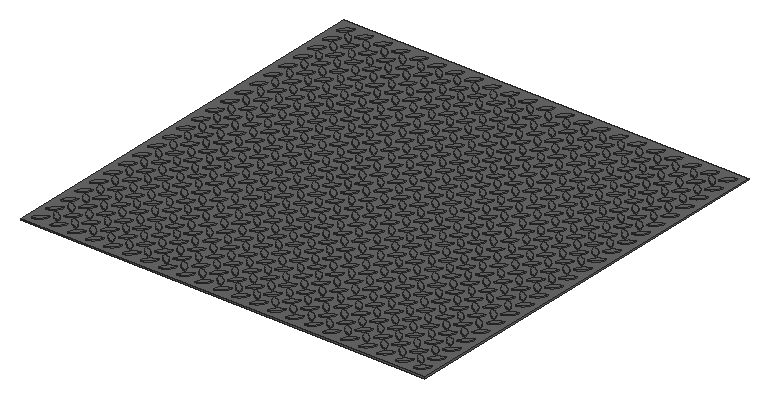
Revit family "141012021113804", category Modelos genéricos, Revit 2018 (continued)
Forms (mm)
  Blend 244, solid, material "Goma negro" <- "Material", detail levels fine
    top sketch origin (-1.445, 530.994, 0) x (0.707107, -0.707107, 0) y (0.707107, 0.707107, 0)
      loop
        arc (792.83, -290.22) -> (787.479, -307.273) -> (792.83, -324.327) r 29.852
        arc (792.83, -324.327) -> (793.684, -324.773) -> (794.539, -324.327) r 1.041
        arc (794.539, -324.327) -> (799.889, -307.273) -> (794.539, -290.22) r 29.852
        arc (794.539, -290.22) -> (793.684, -289.773) -> (792.83, -290.22) r 1.041
    from 0 to 1
  Blend 245, solid, material "Goma negro" <- "Material", detail levels fine
    base sketch origin (1143.494, 118.945, 0) x (-0.707107, -0.707107, 0) y (0.707107, -0.707107, 0)
      loop
        arc (792.83, -290.22) -> (787.479, -307.273) -> (792.83, -324.327) r 29.852
        arc (792.83, -324.327) -> (793.684, -324.773) -> (794.539, -324.327) r 1.041
        arc (794.539, -324.327) -> (799.889, -307.273) -> (794.539, -290.22) r 29.852
        arc (794.539, -290.22) -> (793.684, -289.773) -> (792.83, -290.22) r 1.041
    top sketch origin (1143.494, 118.945, 0) x (-0.707107, -0.707107, 0) y (0.707107, -0.707107, 0)
      loop
        arc (792.83, -290.22) -> (787.479, -307.273) -> (792.83, -324.327) r 29.852
        arc (792.83, -324.327) -> (793.684, -324.773) -> (794.539, -324.327) r 1.041
        arc (794.539, -324.327) -> (799.889, -307.273) -> (794.539, -290.22) r 29.852
        arc (794.539, -290.22) -> (793.684, -289.773) -> (792.83, -290.22) r 1.041
    from 0 to 1
  Blend 246, solid, material "Goma negro" <- "Material", detail levels fine
    base sketch origin (-46.445, 530.994, 0) x (0.707107, -0.707107, 0) y (0.707107, 0.707107, 0)
      loop
        arc (792.83, -290.22) -> (787.479, -307.273) -> (792.83, -324.327) r 29.852
        arc (792.83, -324.327) -> (793.684, -324.773) -> (794.539, -324.327) r 1.041
        arc (794.539, -324.327) -> (799.889, -307.273) -> (794.539, -290.22) r 29.852
        arc (794.539, -290.22) -> (793.684, -289.773) -> (792.83, -290.22) r 1.041
    top sketch origin (-46.445, 530.994, 0) x (0.707107, -0.707107, 0) y (0.707107, 0.707107, 0)
      loop
        arc (792.83, -290.22) -> (787.479, -307.273) -> (792.83, -324.327) r 29.852
        arc (792.83, -324.327) -> (793.684, -324.773) -> (794.539, -324.327) r 1.041
        arc (794.539, -324.327) -> (799.889, -307.273) -> (794.539, -290.22) r 29.852
        arc (794.539, -290.22) -> (793.684, -289.773) -> (792.83, -290.22) r 1.041
    from 0 to 1
  Blend 247, solid, material "Goma negro" <- "Material", detail levels fine
    base sketch origin (1098.494, 118.945, 0) x (-0.707107, -0.707107, 0) y (0.707107, -0.707107, 0)
      loop
        arc (792.83, -290.22) -> (787.479, -307.273) -> (792.83, -324.327) r 29.852
        arc (792.83, -324.327) -> (793.684, -324.773) -> (794.539, -324.327) r 1.041
        arc (794.539, -324.327) -> (799.889, -307.273) -> (794.539, -290.22) r 29.852
        arc (794.539, -290.22) -> (793.684, -289.773) -> (792.83, -290.22) r 1.041
    top sketch origin (1098.494, 118.945, 0) x (-0.707107, -0.707107, 0) y (0.707107, -0.707107, 0)
      loop
        arc (792.83, -290.22) -> (787.479, -307.273) -> (792.83, -324.327) r 29.852
        arc (792.83, -324.327) -> (793.684, -324.773) -> (794.539, -324.327) r 1.041
        arc (794.539, -324.327) -> (799.889, -307.273) -> (794.539, -290.22) r 29.852
        arc (794.539, -290.22) -> (793.684, -289.773) -> (792.83, -290.22) r 1.041
    from 0 to 1
  Blend 248, solid, material "Goma negro" <- "Material", detail levels fine
    base sketch origin (-91.445, 530.994, 0) x (0.707107, -0.707107, 0) y (0.707107, 0.707107, 0)
      loop
        arc (792.83, -290.22) -> (787.479, -307.273) -> (792.83, -324.327) r 29.852
        arc (792.83, -324.327) -> (793.684, -324.773) -> (794.539, -324.327) r 1.041
        arc (794.539, -324.327) -> (799.889, -307.273) -> (794.539, -290.22) r 29.852
        arc (794.539, -290.22) -> (793.684, -289.773) -> (792.83, -290.22) r 1.041
    top sketch origin (-91.445, 530.994, 0) x (0.707107, -0.707107, 0) y (0.707107, 0.707107, 0)
      loop
        arc (792.83, -290.22) -> (787.479, -307.273) -> (792.83, -324.327) r 29.852
        arc (792.83, -324.327) -> (793.684, -324.773) -> (794.539, -324.327) r 1.041
        arc (794.539, -324.327) -> (799.889, -307.273) -> (794.539, -290.22) r 29.852
        arc (794.539, -290.22) -> (793.684, -289.773) -> (792.83, -290.22) r 1.041
    from 0 to 1
  Blend 249, solid, material "Goma negro" <- "Material", detail levels fine
    base sketch origin (1053.494, 118.945, 0) x (-0.707107, -0.707107, 0) y (0.707107, -0.707107, 0)
      loop
        arc (792.83, -290.22) -> (787.479, -307.273) -> (792.83, -324.327) r 29.852
        arc (792.83, -324.327) -> (793.684, -324.773) -> (794.539, -324.327) r 1.041
        arc (794.539, -324.327) -> (799.889, -307.273) -> (794.539, -290.22) r 29.852
        arc (794.539, -290.22) -> (793.684, -289.773) -> (792.83, -290.22) r 1.041
    top sketch origin (1053.494, 118.945, 0) x (-0.707107, -0.707107, 0) y (0.707107, -0.707107, 0)
      loop
        arc (792.83, -290.22) -> (787.479, -307.273) -> (792.83, -324.327) r 29.852
        arc (792.83, -324.327) -> (793.684, -324.773) -> (794.539, -324.327) r 1.041
        arc (794.539, -324.327) -> (799.889, -307.273) -> (794.539, -290.22) r 29.852
        arc (794.539, -290.22) -> (793.684, -289.773) -> (792.83, -290.22) r 1.041
    from 0 to 1
  Blend 250, solid, material "Goma negro" <- "Material", detail levels fine
    base sketch origin (-136.445, 530.994, 0) x (0.707107, -0.707107, 0) y (0.707107, 0.707107, 0)
      loop
        arc (792.83, -290.22) -> (787.479, -307.273) -> (792.83, -324.327) r 29.852
        arc (792.83, -324.327) -> (793.684, -324.773) -> (794.539, -324.327) r 1.041
        arc (794.539, -324.327) -> (799.889, -307.273) -> (794.539, -290.22) r 29.852
        arc (794.539, -290.22) -> (793.684, -289.773) -> (792.83, -290.22) r 1.041
    top sketch origin (-136.445, 530.994, 0) x (0.707107, -0.707107, 0) y (0.707107, 0.707107, 0)
      loop
        arc (792.83, -290.22) -> (787.479, -307.273) -> (792.83, -324.327) r 29.852
        arc (792.83, -324.327) -> (793.684, -324.773) -> (794.539, -324.327) r 1.041
        arc (794.539, -324.327) -> (799.889, -307.273) -> (794.539, -290.22) r 29.852
        arc (794.539, -290.22) -> (793.684, -289.773) -> (792.83, -290.22) r 1.041
    from 0 to 1
  Blend 251, solid, material "Goma negro" <- "Material", detail levels fine
    base sketch origin (1008.494, 118.945, 0) x (-0.707107, -0.707107, 0) y (0.707107, -0.707107, 0)
      loop
        arc (792.83, -290.22) -> (787.479, -307.273) -> (792.83, -324.327) r 29.852
        arc (792.83, -324.327) -> (793.684, -324.773) -> (794.539, -324.327) r 1.041
        arc (794.539, -324.327) -> (799.889, -307.273) -> (794.539, -290.22) r 29.852
        arc (794.539, -290.22) -> (793.684, -289.773) -> (792.83, -290.22) r 1.041
    top sketch origin (1008.494, 118.945, 0) x (-0.707107, -0.707107, 0) y (0.707107, -0.707107, 0)
      loop
        arc (792.83, -290.22) -> (787.479, -307.273) -> (792.83, -324.327) r 29.852
        arc (792.83, -324.327) -> (793.684, -324.773) -> (794.539, -324.327) r 1.041
        arc (794.539, -324.327) -> (799.889, -307.273) -> (794.539, -290.22) r 29.852
        arc (794.539, -290.22) -> (793.684, -289.773) -> (792.83, -290.22) r 1.041
    from 0 to 1
  Blend 252, solid, material "Goma negro" <- "Material", detail levels fine
    base sketch origin (-181.445, 530.994, 0) x (0.707107, -0.707107, 0) y (0.707107, 0.707107, 0)
      loop
        arc (792.83, -290.22) -> (787.479, -307.273) -> (792.83, -324.327) r 29.852
        arc (792.83, -324.327) -> (793.684, -324.773) -> (794.539, -324.327) r 1.041
        arc (794.539, -324.327) -> (799.889, -307.273) -> (794.539, -290.22) r 29.852
        arc (794.539, -290.22) -> (793.684, -289.773) -> (792.83, -290.22) r 1.041
    top sketch origin (-181.445, 530.994, 0) x (0.707107, -0.707107, 0) y (0.707107, 0.707107, 0)
      loop
        arc (792.83, -290.22) -> (787.479, -307.273) -> (792.83, -324.327) r 29.852
        arc (792.83, -324.327) -> (793.684, -324.773) -> (794.539, -324.327) r 1.041
        arc (794.539, -324.327) -> (799.889, -307.273) -> (794.539, -290.22) r 29.852
        arc (794.539, -290.22) -> (793.684, -289.773) -> (792.83, -290.22) r 1.041
    from 0 to 1
  Blend 253, solid, material "Goma negro" <- "Material", detail levels fine
    base sketch origin (963.494, 118.945, 0) x (-0.707107, -0.707107, 0) y (0.707107, -0.707107, 0)
      loop
        arc (792.83, -290.22) -> (787.479, -307.273) -> (792.83, -324.327) r 29.852
        arc (792.83, -324.327) -> (793.684, -324.773) -> (794.539, -324.327) r 1.041
        arc (794.539, -324.327) -> (799.889, -307.273) -> (794.539, -290.22) r 29.852
        arc (794.539, -290.22) -> (793.684, -289.773) -> (792.83, -290.22) r 1.041
    top sketch origin (963.494, 118.945, 0) x (-0.707107, -0.707107, 0) y (0.707107, -0.707107, 0)
      loop
        arc (792.83, -290.22) -> (787.479, -307.273) -> (792.83, -324.327) r 29.852
        arc (792.83, -324.327) -> (793.684, -324.773) -> (794.539, -324.327) r 1.041
        arc (794.539, -324.327) -> (799.889, -307.273) -> (794.539, -290.22) r 29.852
        arc (794.539, -290.22) -> (793.684, -289.773) -> (792.83, -290.22) r 1.041
    from 0 to 1
  Blend 254, solid, material "Goma negro" <- "Material", detail levels fine
    base sketch origin (-226.445, 530.994, 0) x (0.707107, -0.707107, 0) y (0.707107, 0.707107, 0)
      loop
        arc (792.83, -290.22) -> (787.479, -307.273) -> (792.83, -324.327) r 29.852
        arc (792.83, -324.327) -> (793.684, -324.773) -> (794.539, -324.327) r 1.041
        arc (794.539, -324.327) -> (799.889, -307.273) -> (794.539, -290.22) r 29.852
        arc (794.539, -290.22) -> (793.684, -289.773) -> (792.83, -290.22) r 1.041
    top sketch origin (-226.445, 530.994, 0) x (0.707107, -0.707107, 0) y (0.707107, 0.707107, 0)
      loop
        arc (792.83, -290.22) -> (787.479, -307.273) -> (792.83, -324.327) r 29.852
        arc (792.83, -324.327) -> (793.684, -324.773) -> (794.539, -324.327) r 1.041
        arc (794.539, -324.327) -> (799.889, -307.273) -> (794.539, -290.22) r 29.852
        arc (794.539, -290.22) -> (793.684, -289.773) -> (792.83, -290.22) r 1.041
    from 0 to 1
  Blend 255, solid, material "Goma negro" <- "Material", detail levels fine
    base sketch origin (918.494, 118.945, 0) x (-0.707107, -0.707107, 0) y (0.707107, -0.707107, 0)
      loop
        arc (792.83, -290.22) -> (787.479, -307.273) -> (792.83, -324.327) r 29.852
        arc (792.83, -324.327) -> (793.684, -324.773) -> (794.539, -324.327) r 1.041
        arc (794.539, -324.327) -> (799.889, -307.273) -> (794.539, -290.22) r 29.852
        arc (794.539, -290.22) -> (793.684, -289.773) -> (792.83, -290.22) r 1.041
    top sketch origin (918.494, 118.945, 0) x (-0.707107, -0.707107, 0) y (0.707107, -0.707107, 0)
      loop
        arc (792.83, -290.22) -> (787.479, -307.273) -> (792.83, -324.327) r 29.852
        arc (792.83, -324.327) -> (793.684, -324.773) -> (794.539, -324.327) r 1.041
        arc (794.539, -324.327) -> (799.889, -307.273) -> (794.539, -290.22) r 29.852
        arc (794.539, -290.22) -> (793.684, -289.773) -> (792.83, -290.22) r 1.041
    from 0 to 1
  Blend 256, solid, material "Goma negro" <- "Material", detail levels fine
    base sketch origin (-271.445, 530.994, 0) x (0.707107, -0.707107, 0) y (0.707107, 0.707107, 0)
      loop
        arc (792.83, -290.22) -> (787.479, -307.273) -> (792.83, -324.327) r 29.852
        arc (792.83, -324.327) -> (793.684, -324.773) -> (794.539, -324.327) r 1.041
        arc (794.539, -324.327) -> (799.889, -307.273) -> (794.539, -290.22) r 29.852
        arc (794.539, -290.22) -> (793.684, -289.773) -> (792.83, -290.22) r 1.041
    top sketch origin (-271.445, 530.994, 0) x (0.707107, -0.707107, 0) y (0.707107, 0.707107, 0)
      loop
        arc (792.83, -290.22) -> (787.479, -307.273) -> (792.83, -324.327) r 29.852
        arc (792.83, -324.327) -> (793.684, -324.773) -> (794.539, -324.327) r 1.041
        arc (794.539, -324.327) -> (799.889, -307.273) -> (794.539, -290.22) r 29.852
        arc (794.539, -290.22) -> (793.684, -289.773) -> (792.83, -290.22) r 1.041
    from 0 to 1
  Blend 257, solid, material "Goma negro" <- "Material", detail levels fine
    base sketch origin (873.494, 118.945, 0) x (-0.707107, -0.707107, 0) y (0.707107, -0.707107, 0)
      loop
        arc (792.83, -290.22) -> (787.479, -307.273) -> (792.83, -324.327) r 29.852
        arc (792.83, -324.327) -> (793.684, -324.773) -> (794.539, -324.327) r 1.041
        arc (794.539, -324.327) -> (799.889, -307.273) -> (794.539, -290.22) r 29.852
        arc (794.539, -290.22) -> (793.684, -289.773) -> (792.83, -290.22) r 1.041
    top sketch origin (873.494, 118.945, 0) x (-0.707107, -0.707107, 0) y (0.707107, -0.707107, 0)
      loop
        arc (792.83, -290.22) -> (787.479, -307.273) -> (792.83, -324.327) r 29.852
        arc (792.83, -324.327) -> (793.684, -324.773) -> (794.539, -324.327) r 1.041
        arc (794.539, -324.327) -> (799.889, -307.273) -> (794.539, -290.22) r 29.852
        arc (794.539, -290.22) -> (793.684, -289.773) -> (792.83, -290.22) r 1.041
    from 0 to 1
  Blend 258, solid, material "Goma negro" <- "Material", detail levels fine
    base sketch origin (-316.445, 530.994, 0) x (0.707107, -0.707107, 0) y (0.707107, 0.707107, 0)
      loop
        arc (792.83, -290.22) -> (787.479, -307.273) -> (792.83, -324.327) r 29.852
        arc (792.83, -324.327) -> (793.684, -324.773) -> (794.539, -324.327) r 1.041
        arc (794.539, -324.327) -> (799.889, -307.273) -> (794.539, -290.22) r 29.852
        arc (794.539, -290.22) -> (793.684, -289.773) -> (792.83, -290.22) r 1.041
    top sketch origin (-316.445, 530.994, 0) x (0.707107, -0.707107, 0) y (0.707107, 0.707107, 0)
      loop
        arc (792.83, -290.22) -> (787.479, -307.273) -> (792.83, -324.327) r 29.852
        arc (792.83, -324.327) -> (793.684, -324.773) -> (794.539, -324.327) r 1.041
        arc (794.539, -324.327) -> (799.889, -307.273) -> (794.539, -290.22) r 29.852
        arc (794.539, -290.22) -> (793.684, -289.773) -> (792.83, -290.22) r 1.041
    from 0 to 1
  Blend 259, solid, material "Goma negro" <- "Material", detail levels fine
    base sketch origin (828.494, 118.945, 0) x (-0.707107, -0.707107, 0) y (0.707107, -0.707107, 0)
      loop
        arc (792.83, -290.22) -> (787.479, -307.273) -> (792.83, -324.327) r 29.852
        arc (792.83, -324.327) -> (793.684, -324.773) -> (794.539, -324.327) r 1.041
        arc (794.539, -324.327) -> (799.889, -307.273) -> (794.539, -290.22) r 29.852
        arc (794.539, -290.22) -> (793.684, -289.773) -> (792.83, -290.22) r 1.041
    top sketch origin (828.494, 118.945, 0) x (-0.707107, -0.707107, 0) y (0.707107, -0.707107, 0)
      loop
        arc (792.83, -290.22) -> (787.479, -307.273) -> (792.83, -324.327) r 29.852
        arc (792.83, -324.327) -> (793.684, -324.773) -> (794.539, -324.327) r 1.041
        arc (794.539, -324.327) -> (799.889, -307.273) -> (794.539, -290.22) r 29.852
        arc (794.539, -290.22) -> (793.684, -289.773) -> (792.83, -290.22) r 1.041
    from 0 to 1
  Blend 260, solid, material "Goma negro" <- "Material", detail levels fine
    base sketch origin (628.555, 575.994, 0) x (0.707107, -0.707107, 0) y (0.707107, 0.707107, 0)
      loop
        arc (792.83, -290.22) -> (787.479, -307.273) -> (792.83, -324.327) r 29.852
        arc (792.83, -324.327) -> (793.684, -324.773) -> (794.539, -324.327) r 1.041
        arc (794.539, -324.327) -> (799.889, -307.273) -> (794.539, -290.22) r 29.852
        arc (794.539, -290.22) -> (793.684, -289.773) -> (792.83, -290.22) r 1.041
    top sketch origin (628.555, 575.994, 0) x (0.707107, -0.707107, 0) y (0.707107, 0.707107, 0)
      loop
        arc (792.83, -290.22) -> (787.479, -307.273) -> (792.83, -324.327) r 29.852
        arc (792.83, -324.327) -> (793.684, -324.773) -> (794.539, -324.327) r 1.041
        arc (794.539, -324.327) -> (799.889, -307.273) -> (794.539, -290.22) r 29.852
        arc (794.539, -290.22) -> (793.684, -289.773) -> (792.83, -290.22) r 1.041
    from 0 to 1
  Blend 261, solid, material "Goma negro" <- "Material", detail levels fine
    base sketch origin (583.555, 575.994, 0) x (0.707107, -0.707107, 0) y (0.707107, 0.707107, 0)
      loop
        arc (792.83, -290.22) -> (787.479, -307.273) -> (792.83, -324.327) r 29.852
        arc (792.83, -324.327) -> (793.684, -324.773) -> (794.539, -324.327) r 1.041
        arc (794.539, -324.327) -> (799.889, -307.273) -> (794.539, -290.22) r 29.852
        arc (794.539, -290.22) -> (793.684, -289.773) -> (792.83, -290.22) r 1.041
    top sketch origin (583.555, 575.994, 0) x (0.707107, -0.707107, 0) y (0.707107, 0.707107, 0)
      loop
        arc (792.83, -290.22) -> (787.479, -307.273) -> (792.83, -324.327) r 29.852
        arc (792.83, -324.327) -> (793.684, -324.773) -> (794.539, -324.327) r 1.041
        arc (794.539, -324.327) -> (799.889, -307.273) -> (794.539, -290.22) r 29.852
        arc (794.539, -290.22) -> (793.684, -289.773) -> (792.83, -290.22) r 1.041
    from 0 to 1
  Blend 262, solid, material "Goma negro" <- "Material", detail levels fine
    base sketch origin (1728.494, 163.945, 0) x (-0.707107, -0.707107, 0) y (0.707107, -0.707107, 0)
      loop
        arc (792.83, -290.22) -> (787.479, -307.273) -> (792.83, -324.327) r 29.852
        arc (792.83, -324.327) -> (793.684, -324.773) -> (794.539, -324.327) r 1.041
        arc (794.539, -324.327) -> (799.889, -307.273) -> (794.539, -290.22) r 29.852
        arc (794.539, -290.22) -> (793.684, -289.773) -> (792.83, -290.22) r 1.041
    top sketch origin (1728.494, 163.945, 0) x (-0.707107, -0.707107, 0) y (0.707107, -0.707107, 0)
      loop
        arc (792.83, -290.22) -> (787.479, -307.273) -> (792.83, -324.327) r 29.852
        arc (792.83, -324.327) -> (793.684, -324.773) -> (794.539, -324.327) r 1.041
        arc (794.539, -324.327) -> (799.889, -307.273) -> (794.539, -290.22) r 29.852
        arc (794.539, -290.22) -> (793.684, -289.773) -> (792.83, -290.22) r 1.041
    from 0 to 1
  Blend 263, solid, material "Goma negro" <- "Material", detail levels fine
    base sketch origin (538.555, 575.994, 0) x (0.707107, -0.707107, 0) y (0.707107, 0.707107, 0)
      loop
        arc (792.83, -290.22) -> (787.479, -307.273) -> (792.83, -324.327) r 29.852
        arc (792.83, -324.327) -> (793.684, -324.773) -> (794.539, -324.327) r 1.041
        arc (794.539, -324.327) -> (799.889, -307.273) -> (794.539, -290.22) r 29.852
        arc (794.539, -290.22) -> (793.684, -289.773) -> (792.83, -290.22) r 1.041
    top sketch origin (538.555, 575.994, 0) x (0.707107, -0.707107, 0) y (0.707107, 0.707107, 0)
      loop
        arc (792.83, -290.22) -> (787.479, -307.273) -> (792.83, -324.327) r 29.852
        arc (792.83, -324.327) -> (793.684, -324.773) -> (794.539, -324.327) r 1.041
        arc (794.539, -324.327) -> (799.889, -307.273) -> (794.539, -290.22) r 29.852
        arc (794.539, -290.22) -> (793.684, -289.773) -> (792.83, -290.22) r 1.041
    from 0 to 1
  Blend 264, solid, material "Goma negro" <- "Material", detail levels fine
    base sketch origin (1683.494, 163.945, 0) x (-0.707107, -0.707107, 0) y (0.707107, -0.707107, 0)
      loop
        arc (792.83, -290.22) -> (787.479, -307.273) -> (792.83, -324.327) r 29.852
        arc (792.83, -324.327) -> (793.684, -324.773) -> (794.539, -324.327) r 1.041
        arc (794.539, -324.327) -> (799.889, -307.273) -> (794.539, -290.22) r 29.852
        arc (794.539, -290.22) -> (793.684, -289.773) -> (792.83, -290.22) r 1.041
    top sketch origin (1683.494, 163.945, 0) x (-0.707107, -0.707107, 0) y (0.707107, -0.707107, 0)
      loop
        arc (792.83, -290.22) -> (787.479, -307.273) -> (792.83, -324.327) r 29.852
        arc (792.83, -324.327) -> (793.684, -324.773) -> (794.539, -324.327) r 1.041
        arc (794.539, -324.327) -> (799.889, -307.273) -> (794.539, -290.22) r 29.852
        arc (794.539, -290.22) -> (793.684, -289.773) -> (792.83, -290.22) r 1.041
    from 0 to 1
  Blend 265, solid, material "Goma negro" <- "Material", detail levels fine
    base sketch origin (493.555, 575.994, 0) x (0.707107, -0.707107, 0) y (0.707107, 0.707107, 0)
      loop
        arc (792.83, -290.22) -> (787.479, -307.273) -> (792.83, -324.327) r 29.852
        arc (792.83, -324.327) -> (793.684, -324.773) -> (794.539, -324.327) r 1.041
        arc (794.539, -324.327) -> (799.889, -307.273) -> (794.539, -290.22) r 29.852
        arc (794.539, -290.22) -> (793.684, -289.773) -> (792.83, -290.22) r 1.041
    top sketch origin (493.555, 575.994, 0) x (0.707107, -0.707107, 0) y (0.707107, 0.707107, 0)
      loop
        arc (792.83, -290.22) -> (787.479, -307.273) -> (792.83, -324.327) r 29.852
        arc (792.83, -324.327) -> (793.684, -324.773) -> (794.539, -324.327) r 1.041
        arc (794.539, -324.327) -> (799.889, -307.273) -> (794.539, -290.22) r 29.852
        arc (794.539, -290.22) -> (793.684, -289.773) -> (792.83, -290.22) r 1.041
    from 0 to 1
  Blend 266, solid, material "Goma negro" <- "Material", detail levels fine
    base sketch origin (1638.494, 163.945, 0) x (-0.707107, -0.707107, 0) y (0.707107, -0.707107, 0)
      loop
        arc (792.83, -290.22) -> (787.479, -307.273) -> (792.83, -324.327) r 29.852
        arc (792.83, -324.327) -> (793.684, -324.773) -> (794.539, -324.327) r 1.041
        arc (794.539, -324.327) -> (799.889, -307.273) -> (794.539, -290.22) r 29.852
        arc (794.539, -290.22) -> (793.684, -289.773) -> (792.83, -290.22) r 1.041
    top sketch origin (1638.494, 163.945, 0) x (-0.707107, -0.707107, 0) y (0.707107, -0.707107, 0)
      loop
        arc (792.83, -290.22) -> (787.479, -307.273) -> (792.83, -324.327) r 29.852
        arc (792.83, -324.327) -> (793.684, -324.773) -> (794.539, -324.327) r 1.041
        arc (794.539, -324.327) -> (799.889, -307.273) -> (794.539, -290.22) r 29.852
        arc (794.539, -290.22) -> (793.684, -289.773) -> (792.83, -290.22) r 1.041
    from 0 to 1
  Blend 267, solid, material "Goma negro" <- "Material", detail levels fine
    base sketch origin (448.555, 575.994, 0) x (0.707107, -0.707107, 0) y (0.707107, 0.707107, 0)
      loop
        arc (792.83, -290.22) -> (787.479, -307.273) -> (792.83, -324.327) r 29.852
        arc (792.83, -324.327) -> (793.684, -324.773) -> (794.539, -324.327) r 1.041
        arc (794.539, -324.327) -> (799.889, -307.273) -> (794.539, -290.22) r 29.852
        arc (794.539, -290.22) -> (793.684, -289.773) -> (792.83, -290.22) r 1.041
    top sketch origin (448.555, 575.994, 0) x (0.707107, -0.707107, 0) y (0.707107, 0.707107, 0)
      loop
        arc (792.83, -290.22) -> (787.479, -307.273) -> (792.83, -324.327) r 29.852
        arc (792.83, -324.327) -> (793.684, -324.773) -> (794.539, -324.327) r 1.041
        arc (794.539, -324.327) -> (799.889, -307.273) -> (794.539, -290.22) r 29.852
        arc (794.539, -290.22) -> (793.684, -289.773) -> (792.83, -290.22) r 1.041
    from 0 to 1
  Blend 268, solid, material "Goma negro" <- "Material", detail levels fine
    base sketch origin (1593.494, 163.945, 0) x (-0.707107, -0.707107, 0) y (0.707107, -0.707107, 0)
      loop
        arc (792.83, -290.22) -> (787.479, -307.273) -> (792.83, -324.327) r 29.852
        arc (792.83, -324.327) -> (793.684, -324.773) -> (794.539, -324.327) r 1.041
        arc (794.539, -324.327) -> (799.889, -307.273) -> (794.539, -290.22) r 29.852
        arc (794.539, -290.22) -> (793.684, -289.773) -> (792.83, -290.22) r 1.041
    top sketch origin (1593.494, 163.945, 0) x (-0.707107, -0.707107, 0) y (0.707107, -0.707107, 0)
      loop
        arc (792.83, -290.22) -> (787.479, -307.273) -> (792.83, -324.327) r 29.852
        arc (792.83, -324.327) -> (793.684, -324.773) -> (794.539, -324.327) r 1.041
        arc (794.539, -324.327) -> (799.889, -307.273) -> (794.539, -290.22) r 29.852
        arc (794.539, -290.22) -> (793.684, -289.773) -> (792.83, -290.22) r 1.041
    from 0 to 1
  Blend 269, solid, material "Goma negro" <- "Material", detail levels fine
    base sketch origin (403.555, 575.994, 0) x (0.707107, -0.707107, 0) y (0.707107, 0.707107, 0)
      loop
        arc (792.83, -290.22) -> (787.479, -307.273) -> (792.83, -324.327) r 29.852
        arc (792.83, -324.327) -> (793.684, -324.773) -> (794.539, -324.327) r 1.041
        arc (794.539, -324.327) -> (799.889, -307.273) -> (794.539, -290.22) r 29.852
        arc (794.539, -290.22) -> (793.684, -289.773) -> (792.83, -290.22) r 1.041
    top sketch origin (403.555, 575.994, 0) x (0.707107, -0.707107, 0) y (0.707107, 0.707107, 0)
      loop
        arc (792.83, -290.22) -> (787.479, -307.273) -> (792.83, -324.327) r 29.852
        arc (792.83, -324.327) -> (793.684, -324.773) -> (794.539, -324.327) r 1.041
        arc (794.539, -324.327) -> (799.889, -307.273) -> (794.539, -290.22) r 29.852
        arc (794.539, -290.22) -> (793.684, -289.773) -> (792.83, -290.22) r 1.041
    from 0 to 1
  Blend 270, solid, material "Goma negro" <- "Material", detail levels fine
    base sketch origin (1548.494, 163.945, 0) x (-0.707107, -0.707107, 0) y (0.707107, -0.707107, 0)
      loop
        arc (792.83, -290.22) -> (787.479, -307.273) -> (792.83, -324.327) r 29.852
        arc (792.83, -324.327) -> (793.684, -324.773) -> (794.539, -324.327) r 1.041
        arc (794.539, -324.327) -> (799.889, -307.273) -> (794.539, -290.22) r 29.852
        arc (794.539, -290.22) -> (793.684, -289.773) -> (792.83, -290.22) r 1.041
    top sketch origin (1548.494, 163.945, 0) x (-0.707107, -0.707107, 0) y (0.707107, -0.707107, 0)
      loop
        arc (792.83, -290.22) -> (787.479, -307.273) -> (792.83, -324.327) r 29.852
        arc (792.83, -324.327) -> (793.684, -324.773) -> (794.539, -324.327) r 1.041
        arc (794.539, -324.327) -> (799.889, -307.273) -> (794.539, -290.22) r 29.852
        arc (794.539, -290.22) -> (793.684, -289.773) -> (792.83, -290.22) r 1.041
    from 0 to 1
  Blend 271, solid, material "Goma negro" <- "Material", detail levels fine
    base sketch origin (358.555, 575.994, 0) x (0.707107, -0.707107, 0) y (0.707107, 0.707107, 0)
      loop
        arc (792.83, -290.22) -> (787.479, -307.273) -> (792.83, -324.327) r 29.852
        arc (792.83, -324.327) -> (793.684, -324.773) -> (794.539, -324.327) r 1.041
        arc (794.539, -324.327) -> (799.889, -307.273) -> (794.539, -290.22) r 29.852
        arc (794.539, -290.22) -> (793.684, -289.773) -> (792.83, -290.22) r 1.041
    top sketch origin (358.555, 575.994, 0) x (0.707107, -0.707107, 0) y (0.707107, 0.707107, 0)
      loop
        arc (792.83, -290.22) -> (787.479, -307.273) -> (792.83, -324.327) r 29.852
        arc (792.83, -324.327) -> (793.684, -324.773) -> (794.539, -324.327) r 1.041
        arc (794.539, -324.327) -> (799.889, -307.273) -> (794.539, -290.22) r 29.852
        arc (794.539, -290.22) -> (793.684, -289.773) -> (792.83, -290.22) r 1.041
    from 0 to 1
  Blend 272, solid, material "Goma negro" <- "Material", detail levels fine
    base sketch origin (1503.494, 163.945, 0) x (-0.707107, -0.707107, 0) y (0.707107, -0.707107, 0)
      loop
        arc (792.83, -290.22) -> (787.479, -307.273) -> (792.83, -324.327) r 29.852
        arc (792.83, -324.327) -> (793.684, -324.773) -> (794.539, -324.327) r 1.041
        arc (794.539, -324.327) -> (799.889, -307.273) -> (794.539, -290.22) r 29.852
        arc (794.539, -290.22) -> (793.684, -289.773) -> (792.83, -290.22) r 1.041
    top sketch origin (1503.494, 163.945, 0) x (-0.707107, -0.707107, 0) y (0.707107, -0.707107, 0)
      loop
        arc (792.83, -290.22) -> (787.479, -307.273) -> (792.83, -324.327) r 29.852
        arc (792.83, -324.327) -> (793.684, -324.773) -> (794.539, -324.327) r 1.041
        arc (794.539, -324.327) -> (799.889, -307.273) -> (794.539, -290.22) r 29.852
        arc (794.539, -290.22) -> (793.684, -289.773) -> (792.83, -290.22) r 1.041
    from 0 to 1
  Blend 273, solid, material "Goma negro" <- "Material", detail levels fine
    base sketch origin (313.555, 575.994, 0) x (0.707107, -0.707107, 0) y (0.707107, 0.707107, 0)
      loop
        arc (792.83, -290.22) -> (787.479, -307.273) -> (792.83, -324.327) r 29.852
        arc (792.83, -324.327) -> (793.684, -324.773) -> (794.539, -324.327) r 1.041
        arc (794.539, -324.327) -> (799.889, -307.273) -> (794.539, -290.22) r 29.852
        arc (794.539, -290.22) -> (793.684, -289.773) -> (792.83, -290.22) r 1.041
    top sketch origin (313.555, 575.994, 0) x (0.707107, -0.707107, 0) y (0.707107, 0.707107, 0)
      loop
        arc (792.83, -290.22) -> (787.479, -307.273) -> (792.83, -324.327) r 29.852
        arc (792.83, -324.327) -> (793.684, -324.773) -> (794.539, -324.327) r 1.041
        arc (794.539, -324.327) -> (799.889, -307.273) -> (794.539, -290.22) r 29.852
        arc (794.539, -290.22) -> (793.684, -289.773) -> (792.83, -290.22) r 1.041
    from 0 to 1
  Blend 274, solid, material "Goma negro" <- "Material", detail levels fine
    base sketch origin (1458.494, 163.945, 0) x (-0.707107, -0.707107, 0) y (0.707107, -0.707107, 0)
      loop
        arc (792.83, -290.22) -> (787.479, -307.273) -> (792.83, -324.327) r 29.852
        arc (792.83, -324.327) -> (793.684, -324.773) -> (794.539, -324.327) r 1.041
        arc (794.539, -324.327) -> (799.889, -307.273) -> (794.539, -290.22) r 29.852
        arc (794.539, -290.22) -> (793.684, -289.773) -> (792.83, -290.22) r 1.041
    top sketch origin (1458.494, 163.945, 0) x (-0.707107, -0.707107, 0) y (0.707107, -0.707107, 0)
      loop
        arc (792.83, -290.22) -> (787.479, -307.273) -> (792.83, -324.327) r 29.852
        arc (792.83, -324.327) -> (793.684, -324.773) -> (794.539, -324.327) r 1.041
        arc (794.539, -324.327) -> (799.889, -307.273) -> (794.539, -290.22) r 29.852
        arc (794.539, -290.22) -> (793.684, -289.773) -> (792.83, -290.22) r 1.041
    from 0 to 1
  Blend 275, solid, material "Goma negro" <- "Material", detail levels fine
    base sketch origin (268.555, 575.994, 0) x (0.707107, -0.707107, 0) y (0.707107, 0.707107, 0)
      loop
        arc (792.83, -290.22) -> (787.479, -307.273) -> (792.83, -324.327) r 29.852
        arc (792.83, -324.327) -> (793.684, -324.773) -> (794.539, -324.327) r 1.041
        arc (794.539, -324.327) -> (799.889, -307.273) -> (794.539, -290.22) r 29.852
        arc (794.539, -290.22) -> (793.684, -289.773) -> (792.83, -290.22) r 1.041
    top sketch origin (268.555, 575.994, 0) x (0.707107, -0.707107, 0) y (0.707107, 0.707107, 0)
      loop
        arc (792.83, -290.22) -> (787.479, -307.273) -> (792.83, -324.327) r 29.852
        arc (792.83, -324.327) -> (793.684, -324.773) -> (794.539, -324.327) r 1.041
        arc (794.539, -324.327) -> (799.889, -307.273) -> (794.539, -290.22) r 29.852
        arc (794.539, -290.22) -> (793.684, -289.773) -> (792.83, -290.22) r 1.041
    from 0 to 1
  Blend 276, solid, material "Goma negro" <- "Material", detail levels fine
    base sketch origin (1413.494, 163.945, 0) x (-0.707107, -0.707107, 0) y (0.707107, -0.707107, 0)
      loop
        arc (792.83, -290.22) -> (787.479, -307.273) -> (792.83, -324.327) r 29.852
        arc (792.83, -324.327) -> (793.684, -324.773) -> (794.539, -324.327) r 1.041
        arc (794.539, -324.327) -> (799.889, -307.273) -> (794.539, -290.22) r 29.852
        arc (794.539, -290.22) -> (793.684, -289.773) -> (792.83, -290.22) r 1.041
    top sketch origin (1413.494, 163.945, 0) x (-0.707107, -0.707107, 0) y (0.707107, -0.707107, 0)
      loop
        arc (792.83, -290.22) -> (787.479, -307.273) -> (792.83, -324.327) r 29.852
        arc (792.83, -324.327) -> (793.684, -324.773) -> (794.539, -324.327) r 1.041
        arc (794.539, -324.327) -> (799.889, -307.273) -> (794.539, -290.22) r 29.852
        arc (794.539, -290.22) -> (793.684, -289.773) -> (792.83, -290.22) r 1.041
    from 0 to 1
  Blend 277, solid, material "Goma negro" <- "Material", detail levels fine
    base sketch origin (223.555, 575.994, 0) x (0.707107, -0.707107, 0) y (0.707107, 0.707107, 0)
      loop
        arc (792.83, -290.22) -> (787.479, -307.273) -> (792.83, -324.327) r 29.852
        arc (792.83, -324.327) -> (793.684, -324.773) -> (794.539, -324.327) r 1.041
        arc (794.539, -324.327) -> (799.889, -307.273) -> (794.539, -290.22) r 29.852
        arc (794.539, -290.22) -> (793.684, -289.773) -> (792.83, -290.22) r 1.041
    top sketch origin (223.555, 575.994, 0) x (0.707107, -0.707107, 0) y (0.707107, 0.707107, 0)
      loop
        arc (792.83, -290.22) -> (787.479, -307.273) -> (792.83, -324.327) r 29.852
        arc (792.83, -324.327) -> (793.684, -324.773) -> (794.539, -324.327) r 1.041
        arc (794.539, -324.327) -> (799.889, -307.273) -> (794.539, -290.22) r 29.852
        arc (794.539, -290.22) -> (793.684, -289.773) -> (792.83, -290.22) r 1.041
    from 0 to 1
  Blend 278, solid, material "Goma negro" <- "Material", detail levels fine
    base sketch origin (1368.494, 163.945, 0) x (-0.707107, -0.707107, 0) y (0.707107, -0.707107, 0)
      loop
        arc (792.83, -290.22) -> (787.479, -307.273) -> (792.83, -324.327) r 29.852
        arc (792.83, -324.327) -> (793.684, -324.773) -> (794.539, -324.327) r 1.041
        arc (794.539, -324.327) -> (799.889, -307.273) -> (794.539, -290.22) r 29.852
        arc (794.539, -290.22) -> (793.684, -289.773) -> (792.83, -290.22) r 1.041
    top sketch origin (1368.494, 163.945, 0) x (-0.707107, -0.707107, 0) y (0.707107, -0.707107, 0)
      loop
        arc (792.83, -290.22) -> (787.479, -307.273) -> (792.83, -324.327) r 29.852
        arc (792.83, -324.327) -> (793.684, -324.773) -> (794.539, -324.327) r 1.041
        arc (794.539, -324.327) -> (799.889, -307.273) -> (794.539, -290.22) r 29.852
        arc (794.539, -290.22) -> (793.684, -289.773) -> (792.83, -290.22) r 1.041
    from 0 to 1
  Blend 279, solid, material "Goma negro" <- "Material", detail levels fine
    base sketch origin (178.555, 575.994, 0) x (0.707107, -0.707107, 0) y (0.707107, 0.707107, 0)
      loop
        arc (792.83, -290.22) -> (787.479, -307.273) -> (792.83, -324.327) r 29.852
        arc (792.83, -324.327) -> (793.684, -324.773) -> (794.539, -324.327) r 1.041
        arc (794.539, -324.327) -> (799.889, -307.273) -> (794.539, -290.22) r 29.852
        arc (794.539, -290.22) -> (793.684, -289.773) -> (792.83, -290.22) r 1.041
    top sketch origin (178.555, 575.994, 0) x (0.707107, -0.707107, 0) y (0.707107, 0.707107, 0)
      loop
        arc (792.83, -290.22) -> (787.479, -307.273) -> (792.83, -324.327) r 29.852
        arc (792.83, -324.327) -> (793.684, -324.773) -> (794.539, -324.327) r 1.041
        arc (794.539, -324.327) -> (799.889, -307.273) -> (794.539, -290.22) r 29.852
        arc (794.539, -290.22) -> (793.684, -289.773) -> (792.83, -290.22) r 1.041
    from 0 to 1
  Blend 280, solid, material "Goma negro" <- "Material", detail levels fine
    base sketch origin (1323.494, 163.945, 0) x (-0.707107, -0.707107, 0) y (0.707107, -0.707107, 0)
      loop
        arc (792.83, -290.22) -> (787.479, -307.273) -> (792.83, -324.327) r 29.852
        arc (792.83, -324.327) -> (793.684, -324.773) -> (794.539, -324.327) r 1.041
        arc (794.539, -324.327) -> (799.889, -307.273) -> (794.539, -290.22) r 29.852
        arc (794.539, -290.22) -> (793.684, -289.773) -> (792.83, -290.22) r 1.041
    top sketch origin (1323.494, 163.945, 0) x (-0.707107, -0.707107, 0) y (0.707107, -0.707107, 0)
      loop
        arc (792.83, -290.22) -> (787.479, -307.273) -> (792.83, -324.327) r 29.852
        arc (792.83, -324.327) -> (793.684, -324.773) -> (794.539, -324.327) r 1.041
        arc (794.539, -324.327) -> (799.889, -307.273) -> (794.539, -290.22) r 29.852
        arc (794.539, -290.22) -> (793.684, -289.773) -> (792.83, -290.22) r 1.041
    from 0 to 1
  Blend 281, solid, material "Goma negro" <- "Material", detail levels fine
    base sketch origin (133.555, 575.994, 0) x (0.707107, -0.707107, 0) y (0.707107, 0.707107, 0)
      loop
        arc (792.83, -290.22) -> (787.479, -307.273) -> (792.83, -324.327) r 29.852
        arc (792.83, -324.327) -> (793.684, -324.773) -> (794.539, -324.327) r 1.041
        arc (794.539, -324.327) -> (799.889, -307.273) -> (794.539, -290.22) r 29.852
        arc (794.539, -290.22) -> (793.684, -289.773) -> (792.83, -290.22) r 1.041
    top sketch origin (133.555, 575.994, 0) x (0.707107, -0.707107, 0) y (0.707107, 0.707107, 0)
      loop
        arc (792.83, -290.22) -> (787.479, -307.273) -> (792.83, -324.327) r 29.852
        arc (792.83, -324.327) -> (793.684, -324.773) -> (794.539, -324.327) r 1.041
        arc (794.539, -324.327) -> (799.889, -307.273) -> (794.539, -290.22) r 29.852
        arc (794.539, -290.22) -> (793.684, -289.773) -> (792.83, -290.22) r 1.041
    from 0 to 1
  Blend 282, solid, material "Goma negro" <- "Material", detail levels fine
    base sketch origin (1278.494, 163.945, 0) x (-0.707107, -0.707107, 0) y (0.707107, -0.707107, 0)
      loop
        arc (792.83, -290.22) -> (787.479, -307.273) -> (792.83, -324.327) r 29.852
        arc (792.83, -324.327) -> (793.684, -324.773) -> (794.539, -324.327) r 1.041
        arc (794.539, -324.327) -> (799.889, -307.273) -> (794.539, -290.22) r 29.852
        arc (794.539, -290.22) -> (793.684, -289.773) -> (792.83, -290.22) r 1.041
    top sketch origin (1278.494, 163.945, 0) x (-0.707107, -0.707107, 0) y (0.707107, -0.707107, 0)
      loop
        arc (792.83, -290.22) -> (787.479, -307.273) -> (792.83, -324.327) r 29.852
        arc (792.83, -324.327) -> (793.684, -324.773) -> (794.539, -324.327) r 1.041
        arc (794.539, -324.327) -> (799.889, -307.273) -> (794.539, -290.22) r 29.852
        arc (794.539, -290.22) -> (793.684, -289.773) -> (792.83, -290.22) r 1.041
    from 0 to 1
  Blend 283, solid, material "Goma negro" <- "Material", detail levels fine
    base sketch origin (88.555, 575.994, 0) x (0.707107, -0.707107, 0) y (0.707107, 0.707107, 0)
      loop
        arc (792.83, -290.22) -> (787.479, -307.273) -> (792.83, -324.327) r 29.852
        arc (792.83, -324.327) -> (793.684, -324.773) -> (794.539, -324.327) r 1.041
        arc (794.539, -324.327) -> (799.889, -307.273) -> (794.539, -290.22) r 29.852
        arc (794.539, -290.22) -> (793.684, -289.773) -> (792.83, -290.22) r 1.041
    top sketch origin (88.555, 575.994, 0) x (0.707107, -0.707107, 0) y (0.707107, 0.707107, 0)
      loop
        arc (792.83, -290.22) -> (787.479, -307.273) -> (792.83, -324.327) r 29.852
        arc (792.83, -324.327) -> (793.684, -324.773) -> (794.539, -324.327) r 1.041
        arc (794.539, -324.327) -> (799.889, -307.273) -> (794.539, -290.22) r 29.852
        arc (794.539, -290.22) -> (793.684, -289.773) -> (792.83, -290.22) r 1.041
    from 0 to 1
  Blend 284, solid, material "Goma negro" <- "Material", detail levels fine
    base sketch origin (1233.494, 163.945, 0) x (-0.707107, -0.707107, 0) y (0.707107, -0.707107, 0)
      loop
        arc (792.83, -290.22) -> (787.479, -307.273) -> (792.83, -324.327) r 29.852
        arc (792.83, -324.327) -> (793.684, -324.773) -> (794.539, -324.327) r 1.041
        arc (794.539, -324.327) -> (799.889, -307.273) -> (794.539, -290.22) r 29.852
        arc (794.539, -290.22) -> (793.684, -289.773) -> (792.83, -290.22) r 1.041
    top sketch origin (1233.494, 163.945, 0) x (-0.707107, -0.707107, 0) y (0.707107, -0.707107, 0)
      loop
        arc (792.83, -290.22) -> (787.479, -307.273) -> (792.83, -324.327) r 29.852
        arc (792.83, -324.327) -> (793.684, -324.773) -> (794.539, -324.327) r 1.041
        arc (794.539, -324.327) -> (799.889, -307.273) -> (794.539, -290.22) r 29.852
        arc (794.539, -290.22) -> (793.684, -289.773) -> (792.83, -290.22) r 1.041
    from 0 to 1
  Blend 285, solid, material "Goma negro" <- "Material", detail levels fine
    base sketch origin (43.555, 575.994, 0) x (0.707107, -0.707107, 0) y (0.707107, 0.707107, 0)
      loop
        arc (792.83, -290.22) -> (787.479, -307.273) -> (792.83, -324.327) r 29.852
        arc (792.83, -324.327) -> (793.684, -324.773) -> (794.539, -324.327) r 1.041
        arc (794.539, -324.327) -> (799.889, -307.273) -> (794.539, -290.22) r 29.852
        arc (794.539, -290.22) -> (793.684, -289.773) -> (792.83, -290.22) r 1.041
    top sketch origin (43.555, 575.994, 0) x (0.707107, -0.707107, 0) y (0.707107, 0.707107, 0)
      loop
        arc (792.83, -290.22) -> (787.479, -307.273) -> (792.83, -324.327) r 29.852
        arc (792.83, -324.327) -> (793.684, -324.773) -> (794.539, -324.327) r 1.041
        arc (794.539, -324.327) -> (799.889, -307.273) -> (794.539, -290.22) r 29.852
        arc (794.539, -290.22) -> (793.684, -289.773) -> (792.83, -290.22) r 1.041
    from 0 to 1
  Blend 286, solid, material "Goma negro" <- "Material", detail levels fine
    base sketch origin (1188.494, 163.945, 0) x (-0.707107, -0.707107, 0) y (0.707107, -0.707107, 0)
      loop
        arc (792.83, -290.22) -> (787.479, -307.273) -> (792.83, -324.327) r 29.852
        arc (792.83, -324.327) -> (793.684, -324.773) -> (794.539, -324.327) r 1.041
        arc (794.539, -324.327) -> (799.889, -307.273) -> (794.539, -290.22) r 29.852
        arc (794.539, -290.22) -> (793.684, -289.773) -> (792.83, -290.22) r 1.041
    top sketch origin (1188.494, 163.945, 0) x (-0.707107, -0.707107, 0) y (0.707107, -0.707107, 0)
      loop
        arc (792.83, -290.22) -> (787.479, -307.273) -> (792.83, -324.327) r 29.852
        arc (792.83, -324.327) -> (793.684, -324.773) -> (794.539, -324.327) r 1.041
        arc (794.539, -324.327) -> (799.889, -307.273) -> (794.539, -290.22) r 29.852
        arc (794.539, -290.22) -> (793.684, -289.773) -> (792.83, -290.22) r 1.041
    from 0 to 1
  Blend 287, solid, material "Goma negro" <- "Material", detail levels fine
    base sketch origin (-1.445, 575.994, 0) x (0.707107, -0.707107, 0) y (0.707107, 0.707107, 0)
      loop
        arc (792.83, -290.22) -> (787.479, -307.273) -> (792.83, -324.327) r 29.852
        arc (792.83, -324.327) -> (793.684, -324.773) -> (794.539, -324.327) r 1.041
        arc (794.539, -324.327) -> (799.889, -307.273) -> (794.539, -290.22) r 29.852
        arc (794.539, -290.22) -> (793.684, -289.773) -> (792.83, -290.22) r 1.041
    top sketch origin (-1.445, 575.994, 0) x (0.707107, -0.707107, 0) y (0.707107, 0.707107, 0)
      loop
        arc (792.83, -290.22) -> (787.479, -307.273) -> (792.83, -324.327) r 29.852
        arc (792.83, -324.327) -> (793.684, -324.773) -> (794.539, -324.327) r 1.041
        arc (794.539, -324.327) -> (799.889, -307.273) -> (794.539, -290.22) r 29.852
        arc (794.539, -290.22) -> (793.684, -289.773) -> (792.83, -290.22) r 1.041
    from 0 to 1
  Blend 288, solid, material "Goma negro" <- "Material", detail levels fine
    base sketch origin (1143.494, 163.945, 0) x (-0.707107, -0.707107, 0) y (0.707107, -0.707107, 0)
      loop
        arc (792.83, -290.22) -> (787.479, -307.273) -> (792.83, -324.327) r 29.852
        arc (792.83, -324.327) -> (793.684, -324.773) -> (794.539, -324.327) r 1.041
        arc (794.539, -324.327) -> (799.889, -307.273) -> (794.539, -290.22) r 29.852
        arc (794.539, -290.22) -> (793.684, -289.773) -> (792.83, -290.22) r 1.041
    top sketch origin (1143.494, 163.945, 0) x (-0.707107, -0.707107, 0) y (0.707107, -0.707107, 0)
      loop
        arc (792.83, -290.22) -> (787.479, -307.273) -> (792.83, -324.327) r 29.852
        arc (792.83, -324.327) -> (793.684, -324.773) -> (794.539, -324.327) r 1.041
        arc (794.539, -324.327) -> (799.889, -307.273) -> (794.539, -290.22) r 29.852
        arc (794.539, -290.22) -> (793.684, -289.773) -> (792.83, -290.22) r 1.041
    from 0 to 1
  Blend 289, solid, material "Goma negro" <- "Material", detail levels fine
    base sketch origin (-46.445, 575.994, 0) x (0.707107, -0.707107, 0) y (0.707107, 0.707107, 0)
      loop
        arc (792.83, -290.22) -> (787.479, -307.273) -> (792.83, -324.327) r 29.852
        arc (792.83, -324.327) -> (793.684, -324.773) -> (794.539, -324.327) r 1.041
        arc (794.539, -324.327) -> (799.889, -307.273) -> (794.539, -290.22) r 29.852
        arc (794.539, -290.22) -> (793.684, -289.773) -> (792.83, -290.22) r 1.041
    top sketch origin (-46.445, 575.994, 0) x (0.707107, -0.707107, 0) y (0.707107, 0.707107, 0)
      loop
        arc (792.83, -290.22) -> (787.479, -307.273) -> (792.83, -324.327) r 29.852
        arc (792.83, -324.327) -> (793.684, -324.773) -> (794.539, -324.327) r 1.041
        arc (794.539, -324.327) -> (799.889, -307.273) -> (794.539, -290.22) r 29.852
        arc (794.539, -290.22) -> (793.684, -289.773) -> (792.83, -290.22) r 1.041
    from 0 to 1
  Blend 290, solid, material "Goma negro" <- "Material", detail levels fine
    base sketch origin (1098.494, 163.945, 0) x (-0.707107, -0.707107, 0) y (0.707107, -0.707107, 0)
      loop
        arc (792.83, -290.22) -> (787.479, -307.273) -> (792.83, -324.327) r 29.852
        arc (792.83, -324.327) -> (793.684, -324.773) -> (794.539, -324.327) r 1.041
        arc (794.539, -324.327) -> (799.889, -307.273) -> (794.539, -290.22) r 29.852
        arc (794.539, -290.22) -> (793.684, -289.773) -> (792.83, -290.22) r 1.041
    top sketch origin (1098.494, 163.945, 0) x (-0.707107, -0.707107, 0) y (0.707107, -0.707107, 0)
      loop
        arc (792.83, -290.22) -> (787.479, -307.273) -> (792.83, -324.327) r 29.852
        arc (792.83, -324.327) -> (793.684, -324.773) -> (794.539, -324.327) r 1.041
        arc (794.539, -324.327) -> (799.889, -307.273) -> (794.539, -290.22) r 29.852
        arc (794.539, -290.22) -> (793.684, -289.773) -> (792.83, -290.22) r 1.041
    from 0 to 1
  Blend 291, solid, material "Goma negro" <- "Material", detail levels fine
    base sketch origin (-91.445, 575.994, 0) x (0.707107, -0.707107, 0) y (0.707107, 0.707107, 0)
      loop
        arc (792.83, -290.22) -> (787.479, -307.273) -> (792.83, -324.327) r 29.852
        arc (792.83, -324.327) -> (793.684, -324.773) -> (794.539, -324.327) r 1.041
        arc (794.539, -324.327) -> (799.889, -307.273) -> (794.539, -290.22) r 29.852
        arc (794.539, -290.22) -> (793.684, -289.773) -> (792.83, -290.22) r 1.041
    top sketch origin (-91.445, 575.994, 0) x (0.707107, -0.707107, 0) y (0.707107, 0.707107, 0)
      loop
        arc (792.83, -290.22) -> (787.479, -307.273) -> (792.83, -324.327) r 29.852
        arc (792.83, -324.327) -> (793.684, -324.773) -> (794.539, -324.327) r 1.041
        arc (794.539, -324.327) -> (799.889, -307.273) -> (794.539, -290.22) r 29.852
        arc (794.539, -290.22) -> (793.684, -289.773) -> (792.83, -290.22) r 1.041
    from 0 to 1
  Blend 292, solid, material "Goma negro" <- "Material", detail levels fine
    base sketch origin (1053.494, 163.945, 0) x (-0.707107, -0.707107, 0) y (0.707107, -0.707107, 0)
      loop
        arc (792.83, -290.22) -> (787.479, -307.273) -> (792.83, -324.327) r 29.852
        arc (792.83, -324.327) -> (793.684, -324.773) -> (794.539, -324.327) r 1.041
        arc (794.539, -324.327) -> (799.889, -307.273) -> (794.539, -290.22) r 29.852
        arc (794.539, -290.22) -> (793.684, -289.773) -> (792.83, -290.22) r 1.041
    top sketch origin (1053.494, 163.945, 0) x (-0.707107, -0.707107, 0) y (0.707107, -0.707107, 0)
      loop
        arc (792.83, -290.22) -> (787.479, -307.273) -> (792.83, -324.327) r 29.852
        arc (792.83, -324.327) -> (793.684, -324.773) -> (794.539, -324.327) r 1.041
        arc (794.539, -324.327) -> (799.889, -307.273) -> (794.539, -290.22) r 29.852
        arc (794.539, -290.22) -> (793.684, -289.773) -> (792.83, -290.22) r 1.041
    from 0 to 1
  Blend 293, solid, material "Goma negro" <- "Material", detail levels fine
    base sketch origin (-136.445, 575.994, 0) x (0.707107, -0.707107, 0) y (0.707107, 0.707107, 0)
      loop
        arc (792.83, -290.22) -> (787.479, -307.273) -> (792.83, -324.327) r 29.852
        arc (792.83, -324.327) -> (793.684, -324.773) -> (794.539, -324.327) r 1.041
        arc (794.539, -324.327) -> (799.889, -307.273) -> (794.539, -290.22) r 29.852
        arc (794.539, -290.22) -> (793.684, -289.773) -> (792.83, -290.22) r 1.041
    top sketch origin (-136.445, 575.994, 0) x (0.707107, -0.707107, 0) y (0.707107, 0.707107, 0)
      loop
        arc (792.83, -290.22) -> (787.479, -307.273) -> (792.83, -324.327) r 29.852
        arc (792.83, -324.327) -> (793.684, -324.773) -> (794.539, -324.327) r 1.041
        arc (794.539, -324.327) -> (799.889, -307.273) -> (794.539, -290.22) r 29.852
        arc (794.539, -290.22) -> (793.684, -289.773) -> (792.83, -290.22) r 1.041
    from 0 to 1
  Blend 294, solid, material "Goma negro" <- "Material", detail levels fine
    base sketch origin (1008.494, 163.945, 0) x (-0.707107, -0.707107, 0) y (0.707107, -0.707107, 0)
      loop
        arc (792.83, -290.22) -> (787.479, -307.273) -> (792.83, -324.327) r 29.852
        arc (792.83, -324.327) -> (793.684, -324.773) -> (794.539, -324.327) r 1.041
        arc (794.539, -324.327) -> (799.889, -307.273) -> (794.539, -290.22) r 29.852
        arc (794.539, -290.22) -> (793.684, -289.773) -> (792.83, -290.22) r 1.041
    top sketch origin (1008.494, 163.945, 0) x (-0.707107, -0.707107, 0) y (0.707107, -0.707107, 0)
      loop
        arc (792.83, -290.22) -> (787.479, -307.273) -> (792.83, -324.327) r 29.852
        arc (792.83, -324.327) -> (793.684, -324.773) -> (794.539, -324.327) r 1.041
        arc (794.539, -324.327) -> (799.889, -307.273) -> (794.539, -290.22) r 29.852
        arc (794.539, -290.22) -> (793.684, -289.773) -> (792.83, -290.22) r 1.041
    from 0 to 1
  Blend 295, solid, material "Goma negro" <- "Material", detail levels fine
    base sketch origin (-181.445, 575.994, 0) x (0.707107, -0.707107, 0) y (0.707107, 0.707107, 0)
      loop
        arc (792.83, -290.22) -> (787.479, -307.273) -> (792.83, -324.327) r 29.852
        arc (792.83, -324.327) -> (793.684, -324.773) -> (794.539, -324.327) r 1.041
        arc (794.539, -324.327) -> (799.889, -307.273) -> (794.539, -290.22) r 29.852
        arc (794.539, -290.22) -> (793.684, -289.773) -> (792.83, -290.22) r 1.041
    top sketch origin (-181.445, 575.994, 0) x (0.707107, -0.707107, 0) y (0.707107, 0.707107, 0)
      loop
        arc (792.83, -290.22) -> (787.479, -307.273) -> (792.83, -324.327) r 29.852
        arc (792.83, -324.327) -> (793.684, -324.773) -> (794.539, -324.327) r 1.041
        arc (794.539, -324.327) -> (799.889, -307.273) -> (794.539, -290.22) r 29.852
        arc (794.539, -290.22) -> (793.684, -289.773) -> (792.83, -290.22) r 1.041
    from 0 to 1
  Blend 296, solid, material "Goma negro" <- "Material", detail levels fine
    base sketch origin (963.494, 163.945, 0) x (-0.707107, -0.707107, 0) y (0.707107, -0.707107, 0)
      loop
        arc (792.83, -290.22) -> (787.479, -307.273) -> (792.83, -324.327) r 29.852
        arc (792.83, -324.327) -> (793.684, -324.773) -> (794.539, -324.327) r 1.041
        arc (794.539, -324.327) -> (799.889, -307.273) -> (794.539, -290.22) r 29.852
        arc (794.539, -290.22) -> (793.684, -289.773) -> (792.83, -290.22) r 1.041
    top sketch origin (963.494, 163.945, 0) x (-0.707107, -0.707107, 0) y (0.707107, -0.707107, 0)
      loop
        arc (792.83, -290.22) -> (787.479, -307.273) -> (792.83, -324.327) r 29.852
        arc (792.83, -324.327) -> (793.684, -324.773) -> (794.539, -324.327) r 1.041
        arc (794.539, -324.327) -> (799.889, -307.273) -> (794.539, -290.22) r 29.852
        arc (794.539, -290.22) -> (793.684, -289.773) -> (792.83, -290.22) r 1.041
    from 0 to 1
  Blend 297, solid, material "Goma negro" <- "Material", detail levels fine
    base sketch origin (-226.445, 575.994, 0) x (0.707107, -0.707107, 0) y (0.707107, 0.707107, 0)
      loop
        arc (792.83, -290.22) -> (787.479, -307.273) -> (792.83, -324.327) r 29.852
        arc (792.83, -324.327) -> (793.684, -324.773) -> (794.539, -324.327) r 1.041
        arc (794.539, -324.327) -> (799.889, -307.273) -> (794.539, -290.22) r 29.852
        arc (794.539, -290.22) -> (793.684, -289.773) -> (792.83, -290.22) r 1.041
    top sketch origin (-226.445, 575.994, 0) x (0.707107, -0.707107, 0) y (0.707107, 0.707107, 0)
      loop
        arc (792.83, -290.22) -> (787.479, -307.273) -> (792.83, -324.327) r 29.852
        arc (792.83, -324.327) -> (793.684, -324.773) -> (794.539, -324.327) r 1.041
        arc (794.539, -324.327) -> (799.889, -307.273) -> (794.539, -290.22) r 29.852
        arc (794.539, -290.22) -> (793.684, -289.773) -> (792.83, -290.22) r 1.041
    from 0 to 1
  Blend 298, solid, material "Goma negro" <- "Material", detail levels fine
    base sketch origin (918.494, 163.945, 0) x (-0.707107, -0.707107, 0) y (0.707107, -0.707107, 0)
      loop
        arc (792.83, -290.22) -> (787.479, -307.273) -> (792.83, -324.327) r 29.852
        arc (792.83, -324.327) -> (793.684, -324.773) -> (794.539, -324.327) r 1.041
        arc (794.539, -324.327) -> (799.889, -307.273) -> (794.539, -290.22) r 29.852
        arc (794.539, -290.22) -> (793.684, -289.773) -> (792.83, -290.22) r 1.041
    top sketch origin (918.494, 163.945, 0) x (-0.707107, -0.707107, 0) y (0.707107, -0.707107, 0)
      loop
        arc (792.83, -290.22) -> (787.479, -307.273) -> (792.83, -324.327) r 29.852
        arc (792.83, -324.327) -> (793.684, -324.773) -> (794.539, -324.327) r 1.041
        arc (794.539, -324.327) -> (799.889, -307.273) -> (794.539, -290.22) r 29.852
        arc (794.539, -290.22) -> (793.684, -289.773) -> (792.83, -290.22) r 1.041
    from 0 to 1
  Blend 299, solid, material "Goma negro" <- "Material", detail levels fine
    base sketch origin (-271.445, 575.994, 0) x (0.707107, -0.707107, 0) y (0.707107, 0.707107, 0)
      loop
        arc (792.83, -290.22) -> (787.479, -307.273) -> (792.83, -324.327) r 29.852
        arc (792.83, -324.327) -> (793.684, -324.773) -> (794.539, -324.327) r 1.041
        arc (794.539, -324.327) -> (799.889, -307.273) -> (794.539, -290.22) r 29.852
        arc (794.539, -290.22) -> (793.684, -289.773) -> (792.83, -290.22) r 1.041
    top sketch origin (-271.445, 575.994, 0) x (0.707107, -0.707107, 0) y (0.707107, 0.707107, 0)
      loop
        arc (792.83, -290.22) -> (787.479, -307.273) -> (792.83, -324.327) r 29.852
        arc (792.83, -324.327) -> (793.684, -324.773) -> (794.539, -324.327) r 1.041
        arc (794.539, -324.327) -> (799.889, -307.273) -> (794.539, -290.22) r 29.852
        arc (794.539, -290.22) -> (793.684, -289.773) -> (792.83, -290.22) r 1.041
    from 0 to 1
  Blend 300, solid, material "Goma negro" <- "Material", detail levels fine
    base sketch origin (873.494, 163.945, 0) x (-0.707107, -0.707107, 0) y (0.707107, -0.707107, 0)
      loop
        arc (792.83, -290.22) -> (787.479, -307.273) -> (792.83, -324.327) r 29.852
        arc (792.83, -324.327) -> (793.684, -324.773) -> (794.539, -324.327) r 1.041
        arc (794.539, -324.327) -> (799.889, -307.273) -> (794.539, -290.22) r 29.852
        arc (794.539, -290.22) -> (793.684, -289.773) -> (792.83, -290.22) r 1.041
    top sketch origin (873.494, 163.945, 0) x (-0.707107, -0.707107, 0) y (0.707107, -0.707107, 0)
      loop
        arc (792.83, -290.22) -> (787.479, -307.273) -> (792.83, -324.327) r 29.852
        arc (792.83, -324.327) -> (793.684, -324.773) -> (794.539, -324.327) r 1.041
        arc (794.539, -324.327) -> (799.889, -307.273) -> (794.539, -290.22) r 29.852
        arc (794.539, -290.22) -> (793.684, -289.773) -> (792.83, -290.22) r 1.041
    from 0 to 1
  Blend 301, solid, material "Goma negro" <- "Material", detail levels fine
    base sketch origin (-316.445, 575.994, 0) x (0.707107, -0.707107, 0) y (0.707107, 0.707107, 0)
      loop
        arc (792.83, -290.22) -> (787.479, -307.273) -> (792.83, -324.327) r 29.852
        arc (792.83, -324.327) -> (793.684, -324.773) -> (794.539, -324.327) r 1.041
        arc (794.539, -324.327) -> (799.889, -307.273) -> (794.539, -290.22) r 29.852
        arc (794.539, -290.22) -> (793.684, -289.773) -> (792.83, -290.22) r 1.041
    top sketch origin (-316.445, 575.994, 0) x (0.707107, -0.707107, 0) y (0.707107, 0.707107, 0)
      loop
        arc (792.83, -290.22) -> (787.479, -307.273) -> (792.83, -324.327) r 29.852
        arc (792.83, -324.327) -> (793.684, -324.773) -> (794.539, -324.327) r 1.041
        arc (794.539, -324.327) -> (799.889, -307.273) -> (794.539, -290.22) r 29.852
        arc (794.539, -290.22) -> (793.684, -289.773) -> (792.83, -290.22) r 1.041
    from 0 to 1
  Blend 302, solid, material "Goma negro" <- "Material", detail levels fine
    base sketch origin (828.494, 163.945, 0) x (-0.707107, -0.707107, 0) y (0.707107, -0.707107, 0)
      loop
        arc (792.83, -290.22) -> (787.479, -307.273) -> (792.83, -324.327) r 29.852
        arc (792.83, -324.327) -> (793.684, -324.773) -> (794.539, -324.327) r 1.041
        arc (794.539, -324.327) -> (799.889, -307.273) -> (794.539, -290.22) r 29.852
        arc (794.539, -290.22) -> (793.684, -289.773) -> (792.83, -290.22) r 1.041
    top sketch origin (828.494, 163.945, 0) x (-0.707107, -0.707107, 0) y (0.707107, -0.707107, 0)
      loop
        arc (792.83, -290.22) -> (787.479, -307.273) -> (792.83, -324.327) r 29.852
        arc (792.83, -324.327) -> (793.684, -324.773) -> (794.539, -324.327) r 1.041
        arc (794.539, -324.327) -> (799.889, -307.273) -> (794.539, -290.22) r 29.852
        arc (794.539, -290.22) -> (793.684, -289.773) -> (792.83, -290.22) r 1.041
    from 0 to 1
  Blend 303, solid, material "Goma negro" <- "Material", detail levels fine
    base sketch origin (628.555, 620.994, 0) x (0.707107, -0.707107, 0) y (0.707107, 0.707107, 0)
      loop
        arc (792.83, -290.22) -> (787.479, -307.273) -> (792.83, -324.327) r 29.852
        arc (792.83, -324.327) -> (793.684, -324.773) -> (794.539, -324.327) r 1.041
        arc (794.539, -324.327) -> (799.889, -307.273) -> (794.539, -290.22) r 29.852
        arc (794.539, -290.22) -> (793.684, -289.773) -> (792.83, -290.22) r 1.041
    top sketch origin (628.555, 620.994, 0) x (0.707107, -0.707107, 0) y (0.707107, 0.707107, 0)
      loop
        arc (792.83, -290.22) -> (787.479, -307.273) -> (792.83, -324.327) r 29.852
        arc (792.83, -324.327) -> (793.684, -324.773) -> (794.539, -324.327) r 1.041
        arc (794.539, -324.327) -> (799.889, -307.273) -> (794.539, -290.22) r 29.852
        arc (794.539, -290.22) -> (793.684, -289.773) -> (792.83, -290.22) r 1.041
    from 0 to 1
  Blend 304, solid, material "Goma negro" <- "Material", detail levels fine
    base sketch origin (583.555, 620.994, 0) x (0.707107, -0.707107, 0) y (0.707107, 0.707107, 0)
      loop
        arc (792.83, -290.22) -> (787.479, -307.273) -> (792.83, -324.327) r 29.852
        arc (792.83, -324.327) -> (793.684, -324.773) -> (794.539, -324.327) r 1.041
        arc (794.539, -324.327) -> (799.889, -307.273) -> (794.539, -290.22) r 29.852
        arc (794.539, -290.22) -> (793.684, -289.773) -> (792.83, -290.22) r 1.041
    top sketch origin (583.555, 620.994, 0) x (0.707107, -0.707107, 0) y (0.707107, 0.707107, 0)
      loop
        arc (792.83, -290.22) -> (787.479, -307.273) -> (792.83, -324.327) r 29.852
        arc (792.83, -324.327) -> (793.684, -324.773) -> (794.539, -324.327) r 1.041
        arc (794.539, -324.327) -> (799.889, -307.273) -> (794.539, -290.22) r 29.852
        arc (794.539, -290.22) -> (793.684, -289.773) -> (792.83, -290.22) r 1.041
    from 0 to 1
  Blend 305, solid, material "Goma negro" <- "Material", detail levels fine
    base sketch origin (1728.494, 208.945, 0) x (-0.707107, -0.707107, 0) y (0.707107, -0.707107, 0)
      loop
        arc (792.83, -290.22) -> (787.479, -307.273) -> (792.83, -324.327) r 29.852
        arc (792.83, -324.327) -> (793.684, -324.773) -> (794.539, -324.327) r 1.041
        arc (794.539, -324.327) -> (799.889, -307.273) -> (794.539, -290.22) r 29.852
        arc (794.539, -290.22) -> (793.684, -289.773) -> (792.83, -290.22) r 1.041
    top sketch origin (1728.494, 208.945, 0) x (-0.707107, -0.707107, 0) y (0.707107, -0.707107, 0)
      loop
        arc (792.83, -290.22) -> (787.479, -307.273) -> (792.83, -324.327) r 29.852
